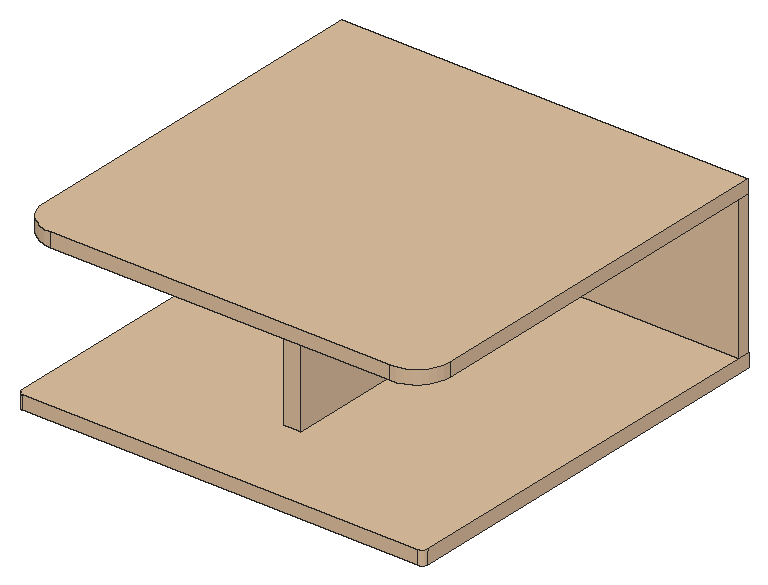
Revit family "FU_Table_LAPSE 0400MA", category Furniture, Revit 2022
Family settings
  OmniClass Number = 23.40.20.00
  OmniClass Title = General Furniture and Specialties
  Work Plane-Based = No
  Always vertical = Yes
  Cut with Voids When Loaded = No
  Render Appearance Source = Family Geometry
  Shared = No
  Room Calculation Point = No
Parameters (values of type "LAP0400MA")
  Width = 720 mm
  URL = "https://www.sandlerseating.com/product/lapse-0400ma-2/"
  Top Finish [instance] = Wood - Oak - Natural - V
  Model = "LAP0400MA"
  Manufacturer = "Sandler"
  Elevation = 333 mm
  Description = "High table element with magazine rack in the Lapse modular seating range, available in oak veneer or lacquered MDF."
  Depth = 720 mm
  Default Elevation = 0 mm
Reference planes
  plane 1 "Center (Front/Back)": y = 0
  plane 2: z = 0
  plane 3 "Center (Left/Right)": x = 0
  plane 4 "Right": x = -360
  plane 5 "Left": x = 360
  plane 6 "Back": y = 360
  plane 7 "Front": y = -360
  plane 8 "Height": z = 633
  plane 9 "Table base": z = 333
  plane 10 "Table base Top FRONT": z = 357
  plane 11 "Table Top base Front": z = 609
Forms (mm)
  Extrusion 1, solid, material "Wood - Oak - Natural - V" <- "Top Finish"
    sketch origin (0, 0, 333) x (-1, 0, 0) y (0, -1, 0)
      loop
        line (360, -360) -> (360, 350)
        arc (360, 350) -> (357.071, 357.071) -> (350, 360) r 10
        line (350, 360) -> (-350, 360)
        arc (-350, 360) -> (-357.071, 357.071) -> (-360, 350) r 10
        line (-360, 350) -> (-360, -360) -> (360, -360)
    from 0 to 24
  Extrusion 2, solid, material "Wood - Oak - Natural - V" <- "Top Finish"
    sketch origin (0, 0, 333) x (-1, 0, 0) y (0, -1, 0)
      loop
        line (360, -360) -> (360, 350)
        arc (360, 350) -> (357.071, 357.071) -> (350, 360) r 10
        line (350, 360) -> (-350, 360)
        arc (-350, 360) -> (-357.071, 357.071) -> (-360, 350) r 10
        line (-360, 350) -> (-360, -360) -> (360, -360)
    from 0 to 24
  Extrusion 3, solid, material "Wood - Oak - Natural - V" <- "Top Finish"
    sketch origin (0, 0, 609) x (-1, 0, 0) y (0, -1, 0)
      loop
        line (360, -360) -> (360, 300)
        arc (360, 300) -> (342.426, 342.426) -> (300, 360) r 60
        line (300, 360) -> (-300, 360)
        arc (-300, 360) -> (-342.426, 342.426) -> (-360, 300) r 60
        line (-360, 300) -> (-360, -360) -> (360, -360)
    from 0 to 24
  Extrusion 4, solid, material "Wood - Oak - Natural - V" <- "Top Finish"
    sketch origin (0, 0, 0) x (0, 1, 0) y (0, 0, 1)
      loop
        line (360, 631) -> (340, 631) -> (340, 335) -> (360, 335) -> (360, 631)
    from -360 to 360
  Extrusion 5, solid, material "Wood - Oak - Natural - V" <- "Top Finish"
    sketch origin (0, 0, 357) x (-1, 0, 0) y (0, -1, 0)
      loop
        line (14.964, -340) -> (14.964, 200.079) -> (-15.004, 200.079) -> (-15.004, -340) -> (14.964, -340)
    from 0 to 252
Dimensions and locks
  equal spacing: plane 4 "Right", plane 3 "Center (Left/Right)", plane 5 "Left"
  "Width": plane 4 "Right" to plane 5 "Left"
  equal spacing: plane 6 "Back", plane 1 "Center (Front/Back)", plane 7 "Front"
  "Depth": plane 6 "Back" to plane 7 "Front"
  "Elevation": plane 9 "Table base" to level
  plane 8 "Height" to plane 9 "Table base" = 300 mm
  locked: plane 10 "Table base Top FRONT" to plane 9 "Table base" at 24
  locked: plane 8 "Height" to plane 11 "Table Top base Front" at 24
  aligned and locked: level to plane 2
  aligned and locked: Extrusion 3 to plane 11 "Table Top base Front"
  aligned and locked: plane 8 "Height" to Extrusion 3
  aligned and locked: Extrusion 4 to plane 5 "Left"
  aligned and locked: plane 4 "Right" to Extrusion 4
  aligned and locked: Extrusion 5 to plane 10 "Table base Top FRONT"
  aligned and locked: plane 10 "Table base Top FRONT" to Extrusion 2
  aligned and locked: plane 10 "Table base Top FRONT" to Extrusion 1
  aligned and locked: Extrusion 2 to plane 10 "Table base Top FRONT"  (x2)
  aligned and locked: plane 10 "Table base Top FRONT" to Extrusion 5
  aligned and locked: plane 11 "Table Top base Front" to Extrusion 5
Automatic sketch dimensions
  Extrusion 1 sketch curve to plane 5 "Left" = 0 mm
  Extrusion 1 sketch curve to plane 7 "Front" = 0 mm
  Extrusion 1 sketch curve to plane 4 "Right" = 0 mm
  Extrusion 1 sketch curve to plane 6 "Back" = 0 mm
  plane 5 "Left" to Extrusion 1 sketch curve = 10 mm
  Extrusion 1 sketch curve to plane 4 "Right" = 10 mm
  Extrusion 2 sketch curve to plane 5 "Left" = 0 mm
  Extrusion 2 sketch curve to plane 7 "Front" = 0 mm
  Extrusion 2 sketch curve to plane 4 "Right" = 0 mm
  Extrusion 2 sketch curve to plane 6 "Back" = 0 mm
  plane 5 "Left" to Extrusion 2 sketch curve = 10 mm
  Extrusion 2 sketch curve to plane 4 "Right" = 10 mm
  Extrusion 3 sketch curve to plane 5 "Left" = 0 mm
  Extrusion 3 sketch curve to plane 7 "Front" = 0 mm
  Extrusion 3 sketch curve to plane 4 "Right" = 0 mm
  Extrusion 3 sketch curve to plane 6 "Back" = 0 mm
  plane 5 "Left" to Extrusion 3 sketch curve = 60 mm
  Extrusion 3 sketch curve to Extrusion 3 sketch curve = 60 mm
  Extrusion 4 sketch curve to plane 8 "Height" = 2 mm
  plane 9 "Table base" to Extrusion 4 sketch curve = 2 mm
  Extrusion 4 sketch curve to plane 6 "Back" = 0 mm
  Extrusion 4 sketch curve to plane 6 "Back" = 20 mm
  plane 3 "Center (Left/Right)" to Extrusion 5 sketch curve = 15.004 mm
  Extrusion 5 sketch curve to plane 3 "Center (Left/Right)" = 14.964 mm
  Extrusion 5 sketch curve to plane 6 "Back" = 20 mm
  plane 7 "Front" to Extrusion 5 sketch curve = 159.921 mm
